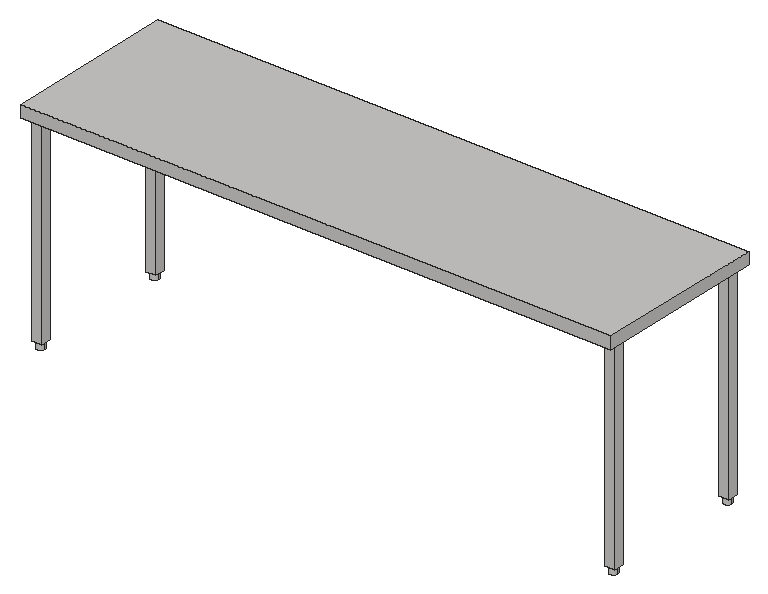
Revit family "QF_ZANUSSI_132729_TG2400PN", category Attrezzature speciali, Revit 2020
Family settings
  Quota connettore circolare = Usa diametro
  Tipo di parte = Normale
  Basato su piano di lavoro = No
  Sempre verticale = Sì
  Taglio con vuoti quando caricato = No
  Condiviso = No
  Punto di calcolo locali = No
Parameters (values of type "Standard")
  Weight = 84.00 kg
  Watts = 0 W
  Volts = 0 V
  URL Manufacturer = "http://www.zanussiprofessional.com"
  URL = "http://www.zanussiprofessional.com"
  Steam Supply Size = 0 mm
  Steam Supply Minimum Pressure = 0.0 Pa
  Steam Supply Maximum Pressure = 0.0 Pa
  Steam Consumption per Hour = 0
  Refrigeration Suction Line Size = 0.0 mm
  Refrigeration Liquid Line Size = 0.0 mm
  Refrigerant Compressor Remote = yes
  Prospetto di default = 0.0 mm
  Produttore = "Zanussi"
  Phase = 0
  Modello = "TG2400PN"
  Length Actual = 2400.0 mm  # constant formula
  Item Number = "132729"
  Hot Water Size = 0 mm
  Height Actual = 900.0 mm  # constant formula
  HP = "0 HP"
  Gas Size = 0 mm
  Gas KW = 0
  Gas Input Pressure = 0 W
  Direct Waste Size = 0 mm
  Descrizione = "WORK TABLE 2400 MM"
  Depth Actual = 700.0 mm  # constant formula
  Cycle = 0 Hz
  Condensate Return Size = 0 mm
  Compressed Air Volume = 0.0 L/s
  Compressed Air Size = 0 mm
  Compressed Air Pressure = 0.0 Pa
  Cold Water Size = 0 mm
  Accessory = yes
Reference planes
  plane 1 "Center (Front/Back)": y = 0
  plane 2: z = 0
  plane 3 "Center (Left/Right)": x = -700
  plane 4 "LEFT": x = -1900
  plane 5 "RIGHT": x = 500
  plane 6 "BACK": y = 350
  plane 7 "FRONT": y = -350
  plane 8 "Base": z = 850
  plane 9 "TOP": z = 900
  plane 10: x = -1864.5
  plane 11: x = 464.5
  plane 12: y = 290
  plane 13: y = -290
Forms (mm)
  Extrusion 1, solid, material "QF_Finishes_Stainless Steel"
    sketch origin (-700, 0, 0) x (0, 1, 0) y (0, 0, 1)
      loop
        line (-350, 850) -> (350, 850) -> (350, 900) -> (-350, 900) -> (-350, 850)
    from 1200 to -1200
Lines and regions (mm)
  symbolic lines
    curve 1: line (500, 350, 900) -> (-1900, 350, 900)
    curve 2: line (-1900, 350, 900) -> (-1900, -350, 900)
    curve 3: line (-1900, -350, 900) -> (500, -350, 900)
    curve 4: line (500, -350, 900) -> (500, 350, 900)
Dimensions and locks
  plane 4 "LEFT" to plane 5 "RIGHT" = 2400.0 mm
  equal spacing: plane 4 "LEFT", plane 3 "Center (Left/Right)", plane 5 "RIGHT"
  locked: plane 8 "Base" to level at 850
  plane 4 "LEFT" to plane 10 = 35.5 mm
  plane 11 to plane 5 "RIGHT" = 35.5 mm
  plane 10 to plane 11 = 2329.0 mm
  locked: plane 9 "TOP" to level at 900
  plane 6 "BACK" to plane 12 = 60.0 mm
  plane 13 to plane 7 "FRONT" = 60.0 mm
  plane 6 "BACK" to plane 7 "FRONT" = 700.0 mm
  plane 12 to plane 13 = 580.0 mm
  equal spacing: plane 6 "BACK", plane 1 "Center (Front/Back)", plane 7 "FRONT"
  aligned and locked: level to plane 2
  aligned and locked: plane 10 to nested 1
  aligned and locked: nested 1 to plane 13
  aligned and locked: plane 11 to nested 2
  aligned and locked: nested 2 to plane 13
  aligned and locked: plane 11 to nested 4
  aligned and locked: nested 4 to plane 12
  aligned and locked: plane 10 to nested 3
  aligned and locked: nested 3 to plane 12
  aligned and locked: Extrusion 1 to plane 4 "LEFT"
  aligned and locked: plane 5 "RIGHT" to Extrusion 1
  aligned and locked: curve 2 to plane 4 "LEFT"
Automatic sketch dimensions
  Extrusion 1 sketch curve to plane 7 "FRONT" = 0.0 mm
  Extrusion 1 sketch curve to plane 8 "Base" = 0.0 mm
  curve 3 to plane 7 "FRONT" = 0.0 mm
  curve 4 to plane 6 "BACK" = 0.0 mm
  Extrusion 1 sketch curve to plane 9 "TOP" = 0.0 mm
  Extrusion 1 sketch curve to plane 6 "BACK" = 0.0 mm
  curve 4 to plane 5 "RIGHT" = 0.0 mm
Nested families
  nested 1: "FEET_40x40" at (-1864.5, -290, 0), type "FEET_40x40"
  nested 2: "FEET_40x40" at (464.5, -290, 0), type "FEET_40x40"
  nested 3: "FEET_40x40" at (-1864.5, 290, 0), type "FEET_40x40"
  nested 4: "FEET_40x40" at (464.5, 290, 0), type "FEET_40x40"
Definition of nested family "FEET_40x40"
  Parameters
    Default Elevation = 0.0 mm
    FEET = 850.0 mm
  Reference planes
    plane 1 "Center (Front/Back)": y = 0
    plane 2: z = 0
    plane 3 "Center (Left/Right)": x = 0
    plane 4: z = 850
  Forms (mm)
    Extrusion 1, solid
      sketch origin (0, 0, 0) x (1, 0, 0) y (0, 1, 0)
        loop
          line (-20, -20) -> (20, -20) -> (20, 20) -> (-20, 20) -> (-20, -20)
      from 25 to 845
    Extrusion 2, solid
      sketch origin (0, 0, 0) x (1, 0, 0) y (0, 1, 0)
        loop
          circle (0, 0) r 16
      from 0 to 25
    Extrusion 3, solid
      sketch origin (0, 0, 0) x (1, 0, 0) y (0, 1, 0)
        loop
          line (30, 30) -> (-30, 30) -> (-30, -30) -> (30, -30) -> (30, 30)
      from 845 to 850
  Lines and regions (mm)
    symbolic lines
      curve 1: line (0, -1.503, 0) -> (0, 1.508, 0)
      curve 2: line (1.561, 0, 0) -> (-1.439, 0, 0)
  Dimensions and locks
    "FEET": plane 4 to plane 2
    aligned and locked: level to plane 2
  Automatic sketch dimensions
    Extrusion 1 sketch curve to plane 3 "Center (Left/Right)" = 20.0 mm
    plane 3 "Center (Left/Right)" to Extrusion 1 sketch curve = 20.0 mm
    plane 1 "Center (Front/Back)" to Extrusion 1 sketch curve = 20.0 mm
    Extrusion 1 sketch curve to plane 1 "Center (Front/Back)" = 20.0 mm
    plane 1 "Center (Front/Back)" to Extrusion 2 sketch curve = 0.0 mm
    Extrusion 2 sketch curve to plane 3 "Center (Left/Right)" = 0.0 mm
    plane 3 "Center (Left/Right)" to Extrusion 3 sketch curve = 30.0 mm
    Extrusion 3 sketch curve to plane 1 "Center (Front/Back)" = 30.0 mm
    Extrusion 3 sketch curve to plane 3 "Center (Left/Right)" = 30.0 mm
    plane 1 "Center (Front/Back)" to Extrusion 3 sketch curve = 30.0 mm
    plane 1 "Center (Front/Back)" to curve 2 = 0.0 mm
    curve 1 to plane 3 "Center (Left/Right)" = 0.0 mm
    curve 2 to plane 3 "Center (Left/Right)" = 1.439 mm
    plane 3 "Center (Left/Right)" to curve 2 = 1.561 mm
    plane 1 "Center (Front/Back)" to curve 1 = 1.503 mm
    curve 1 to plane 1 "Center (Front/Back)" = 1.508 mm
    radius of Extrusion 2 sketch curve = 16.0 mm
